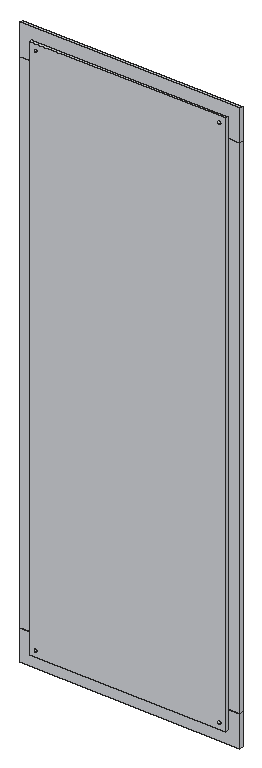
Revit family "DuctPanel_Curtainwall_ASI-Alpaco_Frameless", category Curtain Panels, Revit 2015
Parameters (values of type "Access Panel")
  URL = "http://americanspecialties.com/"
  Type Comments = ""
  Panel Type = DuctPanel_ASI-Alpaco_Frameless : Access Panel
  Model = "Alpaco"
  Manufacturer = "ASI-Alpaco"
  Keynote = "06 26 00"
  Frame Width = 0' - 1.1811"
  Frame Reveal = 0' - 3 15/16"
  Frame Finish = none
  Frame Depth = 0' - 1.5748"
  Flash Panel Width = 0' - 5.11811"
  Flash Panel Thickness = 0' - 0.51181"
  Flash Panel Finish = none
  Finish = ""
  Description = "ASI Alpaco Panel"
  Cover Panel Thickness = 0' - 0.51181"
  Cover Panel Finish = CoverPanel_ExampleFinish
  Cost = 0
  Construction Type = ""
  Assembly Code = "C3010140"
Types (3): name | Panel Type
  (no name) | DuctPanel_ASI-Alpaco_Frameless : Access Panel
  Fixed Panel | DuctPanel_ASI-Alpaco_Frameless : Fixed Panel
  Access Panel | DuctPanel_ASI-Alpaco_Frameless : Access Panel
Reference planes (in)
  plane 1 "Front": y = 0
  plane 2: z = 0
  plane 3 "Center (Left/Right)": x = 0
  plane 4 "Left": x = -18
  plane 5 "Right": x = 18
  plane 6 "Top": z = 94
Text (in)
  text "Exterior" at (-54.29358, 31.38743, 0), in view "Ref. Level"
  text "Exterior" at (480, 41.53993, 89.60405), in view "Right"
  text "Exterior" at (-240, 57.82419, 105.78864), in view "Left"
Dimensions and locks (in)
  equal spacing: plane 4 "Left", plane 3 "Center (Left/Right)", plane 5 "Right"
  aligned and locked: level to plane 2
  aligned and locked: plane 5 "Right" to nested 1
  aligned and locked: plane 4 "Left" to nested 1
  aligned and locked: nested 1 to plane 6 "Top"
  aligned and locked: plane 2 to nested 1
Nested families (in)
  nested 1: "DuctPanel_ASI-Alpaco_Frameless" at (0, 0, 47) x (1, 0, 0) z (0, -1, 0), type <- "Panel Type", type "Access Panel"
    with Width 3' - 0", Height 7' - 10", Flash Frame Offset_Top 0' - 0", Flash Frame Offset_R 0' - 0", Flash Frame Offset_L 0' - 0", Flash Frame Offset_Bottom 0' - 0", Cover Panel Width 2' - 8 1/16", Cover Panel Height 7' - 6 1/16", FlashFrame Width 0' - 5.11811", Flash Panel Thickness 0' - 0.51181", Cover Panel Thickness 0' - 0.51181"
Definition of nested family "DuctPanel_ASI-Alpaco_Frameless"
  Parameters (values of type "Fixed Panel")
    Width [instance] = 2' - 0"
    URL = "http://americanspecialties.com/"
    Type Comments = ""
    Top Join = no
    Right Join = no
    Model = "Alpaco"
    Manufacturer = "ASI-Alpaco"
    Left Join = no
    Keynote = "06 26 00"
    Height [instance] = 4' - 0"
    FlashFrame Width = 0' - 6"
    Flash Panel Thickness = 0' - 0 1/2"
    Flash Panel Finish = none
    Flash Frame Offset_Top [instance] = if((Top Join), (FlashFrame Width / 2), 0' 0")  # 0' - 0"
    Flash Frame Offset_R [instance] = if((Right Join), (FlashFrame Width / 2), 0' 0")  # 0' - 0"
    Flash Frame Offset_L [instance] = if((Left Join), (FlashFrame Width / 2), 0' 0")  # 0' - 0"
    Flash Frame Offset_Bottom [instance] = if((Bottom Join), (FlashFrame Width / 2), 0' 0")  # 0' - 0"
    Fastener Offset = 0' - 1"
    Description = "ASI Alpaco Panel"
    Default Elevation = 4' - 0"
    Cover Panel Width [instance] = 1' - 8 1/16"
    Cover Panel Thickness = 0' - 0 1/2"
    Cover Panel Height [instance] = 3' - 8 1/16"
    Cover Panel Finish = none
    Cost = 0
    Bottom Join = no
    Assembly Code = "C3010140"
    Access Panel = no
  Types (2): name | Access Panel
    Fixed Panel | no
    Access Panel | yes
  Reference planes (in)
    plane 1 "Center (Front/Back)": y = 0
    plane 2: z = 0
    plane 3 "Center (Left/Right)": x = 0
    plane 4 "Top": y = 24
    plane 5 "Bottom": y = -24
    plane 6 "Left": x = -12
    plane 7 "Right": x = 12
    plane 8 "FlashFront": z = 0.5
    plane 9 "PanelFront": z = 1
    plane 10: y = 18
    plane 11 "FP_T": y = 24
    plane 12: y = -18
    plane 13 "FP_B": y = -24
    plane 14 "FP_Left": x = -12
    plane 15: x = -6
    plane 16: x = 6
    plane 17 "FP_R": x = 12
    plane 18: y = -22.03125
    plane 19: y = 22.03125
    plane 20: x = -10.03125
    plane 21: x = 10.03125
    plane 22 "FastTop": y = 21.03125
    plane 23 "FastBtm": y = -21.03125
    plane 24: x = -9.03125
    plane 25: x = 9.03125
  Forms (in)
    Extrusion 1, solid, material <- "Flash Panel Finish"
      sketch origin (0, 0, 0) x (1, 0, 0) y (0, 1, 0)
        loop
          line (-12, 24) -> (-12, 18) -> (12, 18) -> (12, 24) -> (-12, 24)
      from 0 to 0.5 <- "Flash Panel Thickness"
    Extrusion 2, solid, material <- "Flash Panel Finish"
      sketch origin (0, 0, 0) x (1, 0, 0) y (0, 1, 0)
        loop
          line (-12, -18) -> (-12, -24) -> (12, -24) -> (12, -18) -> (-12, -18)
      from 0 to 0.5 <- "Flash Panel Thickness"
    Extrusion 3, solid, material <- "Flash Panel Finish"
      sketch origin (0, 0, 0) x (1, 0, 0) y (0, 1, 0)
        loop
          line (-12, 18) -> (-12, -18) -> (-6, -18) -> (-6, 18) -> (-12, 18)
      from 0 to 0.5 <- "Flash Panel Thickness"
    Extrusion 4, solid, material <- "Flash Panel Finish"
      sketch origin (0, 0, 0) x (1, 0, 0) y (0, 1, 0)
        loop
          line (6, 18) -> (6, -18) -> (12, -18) -> (12, 18) -> (6, 18)
      from 0 to 0.5 <- "Flash Panel Thickness"
    Extrusion 5, solid, material <- "Cover Panel Finish"
      sketch origin (0, 0, 0.5) x (0, 1, 0) y (-1, 0, 0)
        loop
          line (22.03125, 10.03125) -> (-22.03125, 10.03125) -> (-22.03125, -10.03125) -> (22.03125, -10.03125) -> (22.03125, 10.03125)
      from 0 to 0.5 <- "Cover Panel Thickness"
    Revolve 6, solid, visible <- "Access Panel"
      sketch origin (0, -21.03125, 0) x (-1, 0, 0) y (0, 0, 1)
        loop
          line (9.03125, 1.0625) -> (9.03125, 1) -> (9.21875, 1)
          spline (9.21875, 1) -> (9.21715, 1.00816) -> (9.21236, 1.01618) -> (9.20448, 1.02392) -> (9.19363, 1.03125) -> (9.18, 1.03805) -> (9.16383, 1.04419) -> (9.14539, 1.04958) -> (9.125, 1.05413) -> (9.103, 1.05774) -> (9.07978, 1.06037) -> (9.05572, 1.06197) -> (9.03125, 1.0625)
        axis (9.03125, 1.0625) -> (9.03125, 1)
      angle from 0 to 360
    Revolve 7, solid, visible <- "Access Panel"
      sketch origin (18.0625, -21.03125, 0) x (-1, 0, 0) y (0, 0, 1)
        loop
          line (9.03125, 1.0625) -> (9.03125, 1) -> (9.21875, 1)
          spline (9.21875, 1) -> (9.21715, 1.00816) -> (9.21236, 1.01618) -> (9.20448, 1.02392) -> (9.19363, 1.03125) -> (9.18, 1.03805) -> (9.16383, 1.04419) -> (9.14539, 1.04958) -> (9.125, 1.05413) -> (9.103, 1.05774) -> (9.07978, 1.06037) -> (9.05572, 1.06197) -> (9.03125, 1.0625)
        axis (9.03125, 1.0625) -> (9.03125, 1)
      angle from 0 to 360
    Revolve 8, solid, visible <- "Access Panel"
      sketch origin (0, 21.03125, 0) x (-1, 0, 0) y (0, 0, 1)
        loop
          line (9.03125, 1.0625) -> (9.03125, 1) -> (9.21875, 1)
          spline (9.21875, 1) -> (9.21715, 1.00816) -> (9.21236, 1.01618) -> (9.20448, 1.02392) -> (9.19363, 1.03125) -> (9.18, 1.03805) -> (9.16383, 1.04419) -> (9.14539, 1.04958) -> (9.125, 1.05413) -> (9.103, 1.05774) -> (9.07978, 1.06037) -> (9.05572, 1.06197) -> (9.03125, 1.0625)
        axis (9.03125, 1.0625) -> (9.03125, 1)
      angle from 0 to 360
    Revolve 9, solid, visible <- "Access Panel"
      sketch origin (0, 21.03125, 0) x (-1, 0, 0) y (0, 0, 1)
        loop
          line (-9.03125, 1.0625) -> (-9.03125, 1) -> (-8.84375, 1)
          spline (-8.84375, 1) -> (-8.84535, 1.00816) -> (-8.85014, 1.01618) -> (-8.85802, 1.02392) -> (-8.86887, 1.03125) -> (-8.8825, 1.03805) -> (-8.89867, 1.04419) -> (-8.91711, 1.04958) -> (-8.9375, 1.05413) -> (-8.9595, 1.05774) -> (-8.98272, 1.06037) -> (-9.00678, 1.06197) -> (-9.03125, 1.0625)
        axis (-9.03125, 1.0625) -> (-9.03125, 1)
      angle from 0 to 360
  Dimensions and locks (in)
    equal spacing: plane 4 "Top", plane 1 "Center (Front/Back)", plane 5 "Bottom"
    "Height": plane 4 "Top" to plane 5 "Bottom"
    equal spacing: plane 6 "Left", plane 3 "Center (Left/Right)", plane 7 "Right"
    "Width": plane 6 "Left" to plane 7 "Right"
    "Flash Panel Thickness": plane 8 "FlashFront" to level
    "Flash Panel Thickness": plane 9 "PanelFront" to plane 8 "FlashFront"
    "FlashFrame Width": plane 11 "FP_T" to plane 10
    "FlashFrame Width": plane 12 to plane 13 "FP_B"
    "Flash Frame Offset_Top": plane 11 "FP_T" to plane 4 "Top"
    "Flash Frame Offset_Bottom": plane 5 "Bottom" to plane 13 "FP_B"
    "FlashFrame Width": plane 14 "FP_Left" to plane 15
    "FlashFrame Width": plane 16 to plane 17 "FP_R"
    "Flash Frame Offset_L": plane 14 "FP_Left" to plane 6 "Left"
    "Flash Frame Offset_R": plane 7 "Right" to plane 17 "FP_R"
    equal spacing: plane 20, plane 3 "Center (Left/Right)", plane 21
    "Cover Panel Width": plane 20 to plane 21
    equal spacing: plane 19, plane 1 "Center (Front/Back)", plane 18
    "Cover Panel Height": plane 19 to plane 18
    "Fastener Offset": plane 20 to plane 24
    "Fastener Offset": plane 25 to plane 21
    "Fastener Offset": plane 23 "FastBtm" to plane 18
    "Fastener Offset": plane 19 to plane 22 "FastTop"
    aligned and locked: plane 2 to level
    aligned and locked: Extrusion 1 sketch curve to plane 11 "FP_T"
    aligned and locked: plane 14 "FP_Left" to Extrusion 1 sketch curve
    aligned and locked: plane 10 to Extrusion 1 sketch curve
    aligned and locked: Extrusion 1 sketch curve to plane 17 "FP_R"
    aligned and locked: Extrusion 2 sketch curve to plane 12
    aligned and locked: plane 14 "FP_Left" to Extrusion 2 sketch curve
    aligned and locked: plane 13 "FP_B" to Extrusion 2 sketch curve
    aligned and locked: Extrusion 2 sketch curve to plane 17 "FP_R"
    aligned and locked: plane 14 "FP_Left" to Extrusion 3 sketch curve
    aligned and locked: Extrusion 3 sketch curve to plane 15
    aligned and locked: Extrusion 3 sketch curve to plane 10
    aligned and locked: plane 12 to Extrusion 3 sketch curve
    aligned and locked: plane 16 to Extrusion 4 sketch curve
    aligned and locked: Extrusion 4 sketch curve to plane 17 "FP_R"
    aligned and locked: Extrusion 4 sketch curve to plane 10
    aligned and locked: plane 12 to Extrusion 4 sketch curve
    aligned and locked: Extrusion 5 sketch curve to plane 19
    aligned and locked: plane 20 to Extrusion 5 sketch curve
    aligned and locked: plane 18 to Extrusion 5 sketch curve
    aligned and locked: Extrusion 5 sketch curve to plane 21
    aligned and locked: plane 9 "PanelFront" to Extrusion 5
    aligned and locked: plane 9 "PanelFront" to Revolve 6 sketch curve
    aligned and locked: Revolve 6 sketch curve to plane 24
    aligned and locked: plane 9 "PanelFront" to Revolve 7 sketch curve
    aligned and locked: Revolve 7 sketch curve to plane 25
    aligned and locked: plane 9 "PanelFront" to Revolve 9 sketch curve
    aligned and locked: Revolve 9 sketch curve to plane 25
    aligned and locked: plane 9 "PanelFront" to Revolve 8 sketch curve
    aligned and locked: Revolve 8 sketch curve to plane 24
  Automatic sketch dimensions
    Revolve 6 sketch curve to plane 24 = 0' - 0"
    Revolve 6 sketch curve to plane 24 = 0' - 0 3/16"
    plane 9 "PanelFront" to Revolve 6 sketch curve = 0' - 0 1/16"
    Revolve 6 sketch curve to level = 1' - 0"
    Revolve 6 sketch curve to Revolve 6 sketch curve = 7' - 10 15/16"
    Revolve 7 sketch curve to plane 25 = 0' - 0"
    Revolve 7 sketch curve to Revolve 7 sketch curve = 0' - 0 3/16"
    plane 9 "PanelFront" to Revolve 7 sketch curve = 0' - 0 1/16"
    Revolve 7 sketch curve to level = 1' - 0"
    Revolve 7 sketch curve to Revolve 7 sketch curve = 7' - 10 15/16"
    Revolve 8 sketch curve to plane 24 = 0' - 0"
    Revolve 8 sketch curve to plane 24 = 0' - 0 3/16"
    plane 9 "PanelFront" to Revolve 8 sketch curve = 0' - 0 1/16"
    Revolve 8 sketch curve to level = 1' - 0"
    Revolve 8 sketch curve to Revolve 8 sketch curve = 7' - 10 15/16"
    Revolve 9 sketch curve to plane 25 = 0' - 0"
    Revolve 9 sketch curve to Revolve 9 sketch curve = 0' - 0 3/16"
    plane 9 "PanelFront" to Revolve 9 sketch curve = 0' - 0 1/16"
    Revolve 9 sketch curve to level = 1' - 0"
    Revolve 9 sketch curve to Revolve 9 sketch curve = 7' - 10 15/16"
